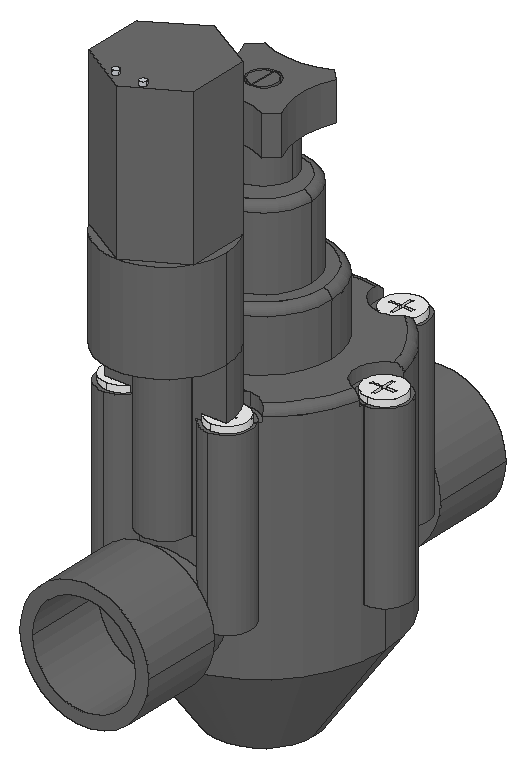
Revit family "Valve - PGA Series - 100PGA", category Acessórios do tubo, Revit 2020
Family settings
  Cota do conector redondo = Utilizar diâmetro
  Tipo de parte = Normal
  Número OmniClass = 23.60.30.11.14
  Título OmniClass = Pipework Fittings
  Com base no plano de trabalho = Não
  Sempre na vertical = Sim
  Corte com vazios quando carregada = Não
  Compartilhado = Não
Parameters
  a [instance] = 1.27 cm
  URL = "https://www.rainbird.com/"
  SupportProjetos: Reviw Date = "10/11/2020"  # constant formula
  SupportProjetos: Reviw = "R01"  # constant formula
  SupportProjetos: Level of Detail = "LOD300"  # constant formula
  SupportProjetos: Developed = "MICHEL SOARES MOTA"  # constant formula
  SupportProjetos: Creation Date = "27/08/2020"  # constant formula
  RainBird: Product Link = "https://www.rainbird.com/"
  RainBird: Description = "Valves - PGA Series - 100PGA"
  RainBird: Comment = ""
  RainBird: Code = "B30310"  # constant formula
  RN [instance] = DN / 2  # 1.27 cm
  Modelo = "100PGA"
  Material Parafuso = Aço cromado
  Material = PVC-U
  Elevação padrão = 0 cm
  Diametro corpo [instance] = 6 cm
  Diametro Tubo = 2.54 cm
  Det1 [instance] = 2 cm
  Descrição = RainBird: Description  # "Valves - PGA Series - 100PGA"
  DN [instance] = 2.54 cm
  Caminho croqui = 7 cm
  Anotação Válvula = yes
Reference planes (cm)
  plane 1 "Centro (Frente/Trás)": y = 0
  plane 2: z = 0
  plane 3 "Centro (Esquerda/Direita)": x = 0
Forms (cm)
  Sweep 1, solid, material "PVC-U" <- "Material"
    path origin (0, 0, 0) x (1, 0, 0) y (0, 1, 0)
      loop
        circle (0, 0) r 3
    profile origin (0, 3, 0) x (0, -1, 0) y (0, 0, 1)
      loop
        line (0, -1.27) -> (1.73, -3.7651) -> (1.73, -1.27) -> (2.9833, -1.27) -> (2.9833, 10.23) -> (2.7355, 10.23) -> (2.7355, 8.23) -> (1.999, 8.23)
        arc (1.999, 8.23) -> (1.8583, 8.1717) -> (1.8, 8.031) r 0.199
        line (1.8, 8.031) -> (1.8, 6.23) -> (1.5035, 6.23)
        arc (1.5035, 6.23) -> (1.3596, 6.1704) -> (1.3, 6.0265) r 0.2035
        line (1.3, 6.0265) -> (1.3, 4.73) -> (0.2, 4.73)
        arc (0.2, 4.73) -> (0.0586, 4.6714) -> (0, 4.53) r 0.2
        line (0, 4.53) -> (0, -1.27)
  Extrusion 2, solid, material "PVC-U" <- "Material"
    sketch origin (0, 0, 0) x (0, 1, 0) y (-1, 0, 0)
      loop
        circle (0, 3) r 0.5971
      loop
        circle (0, -3) r 0.5971
      loop
        circle (2.71, 1.2868) r 0.597
      loop
        circle (-2.71, 1.2868) r 0.597
      loop
        circle (2.71, -1.2868) r 0.597
      loop
        circle (-2.71, -1.2868) r 0.597
    from 0 to 4.41
  Extrusion 3, void
    sketch origin (0, 20, 0) x (0, 1, 0) y (-1, 0, 0)
      loop
        circle (-22.71, 1.2868) r 0.7
      loop
        circle (-20, 3) r 0.6982
      loop
        circle (-17.29, 1.2868) r 0.7
      loop
        circle (-22.71, -1.2868) r 0.7
      loop
        circle (-20, -3) r 0.6982
      loop
        circle (-17.29, -1.2868) r 0.7
    from 4.41 to 4.73
  Extrusion 4, solid, material "Aço cromado" <- "Material Parafuso"
    sketch origin (0, 0, 0) x (0, 1, 0) y (-1, 0, 0)
      loop
        circle (-2.71, 1.2868) r 0.5
      loop
        circle (0, 3) r 0.5
      loop
        circle (2.71, 1.2868) r 0.5
      loop
        circle (-2.71, -1.2868) r 0.5
      loop
        circle (0, -3) r 0.5
      loop
        circle (2.71, -1.2868) r 0.5
      loop
        line (-0.0439, 3.0268) -> (-0.3045, 3.0268) -> (-0.3045, 2.9429) -> (-0.0439, 2.9429) -> (-0.0439, 2.6817) -> (0.0343, 2.6817) -> (0.0343, 2.9429) -> (0.292, 2.9429) -> (0.292, 3.0268) -> (0.0343, 3.0268) -> (0.0343, 3.2683) -> (-0.0439, 3.2683) -> (-0.0439, 3.0268)
      loop
        line (2.6661, 1.3136) -> (2.4055, 1.3136) -> (2.4055, 1.2296) -> (2.6661, 1.2296) -> (2.6661, 0.9685) -> (2.7443, 0.9685) -> (2.7443, 1.2296) -> (3.002, 1.2296) -> (3.002, 1.3136) -> (2.7443, 1.3136) -> (2.7443, 1.5551) -> (2.6661, 1.5551) -> (2.6661, 1.3136)
      loop
        line (-2.7539, 1.3136) -> (-3.0145, 1.3136) -> (-3.0145, 1.2296) -> (-2.7539, 1.2296) -> (-2.7539, 0.9685) -> (-2.6757, 0.9685) -> (-2.6757, 1.2296) -> (-2.418, 1.2296) -> (-2.418, 1.3136) -> (-2.6757, 1.3136) -> (-2.6757, 1.5551) -> (-2.7539, 1.5551) -> (-2.7539, 1.3136)
      loop
        line (-0.0439, -3.0268) -> (-0.0439, -3.2683) -> (0.0343, -3.2683) -> (0.0343, -3.0268) -> (0.292, -3.0268) -> (0.292, -2.9429) -> (0.0343, -2.9429) -> (0.0343, -2.6817) -> (-0.0439, -2.6817) -> (-0.0439, -2.9429) -> (-0.3045, -2.9429) -> (-0.3045, -3.0268) -> (-0.0439, -3.0268)
      loop
        line (2.6661, -1.3136) -> (2.6661, -1.5551) -> (2.7443, -1.5551) -> (2.7443, -1.3136) -> (3.002, -1.3136) -> (3.002, -1.2296) -> (2.7443, -1.2296) -> (2.7443, -0.9685) -> (2.6661, -0.9685) -> (2.6661, -1.2296) -> (2.4055, -1.2296) -> (2.4055, -1.3136) -> (2.6661, -1.3136)
      loop
        line (-2.7539, -1.3136) -> (-2.7539, -1.5551) -> (-2.6757, -1.5551) -> (-2.6757, -1.3136) -> (-2.418, -1.3136) -> (-2.418, -1.2296) -> (-2.6757, -1.2296) -> (-2.6757, -0.9685) -> (-2.7539, -0.9685) -> (-2.7539, -1.2296) -> (-3.0145, -1.2296) -> (-3.0145, -1.3136) -> (-2.7539, -1.3136)
    from 3.4443 to 4.5593
  Sweep 5, solid, material "PVC-U" <- "Material"
    path origin (0, 0, 0) x (1, 0, 0) y (0, 1, 0)
      loop
        line (0, -3.5) -> (0, 3.5)
    profile origin (0, 0, 0) x (-1, 0, 0) y (0, 0, 1)
      loop
        circle (0, 0) r 1.27
  Sweep 6, solid, material "PVC-U" <- "Material"
    path origin (0, 0, 0) x (1, 0, 0) y (0, 1, 0)
      loop
        line (0, 3.5) -> (0, 5.5)
    profile origin (0, 4.5, 0) x (-1, 0, 0) y (0, 0, 1)
      loop
        circle (0, 0) r 1.5878
      loop
        circle (0, 0) r 1.27
  Sweep 7, solid, material "PVC-U" <- "Material"
    path origin (0, 0, 0) x (1, 0, 0) y (0, 1, 0)
      loop
        line (0, -3.5) -> (0, -5.5)
    profile origin (0, -4.5, 0) x (1, 0, 0) y (0, 0, 1)
      loop
        circle (0, 0) r 1.5878
      loop
        circle (0, 0) r 1.27
  Extrusion 8, solid, material "PVC-U" <- "Material"
    sketch origin (0, 0, 0) x (1, 0, 0) y (0, 1, 0)
      loop
        circle (-1.2684, 1.1319) r 0.5
    from 4.73 to 7.1863
  Extrusion 9, solid, material "PVC-U" <- "Material"
    sketch origin (0, 0, 0) x (1, 0, 0) y (0, 1, 0)
      loop
        circle (-1.2684, 1.1319) r 0.35
    from 7.1863 to 8.23
  Extrusion 10, solid, material "PVC-U" <- "Material"
    sketch origin (0, 0, 0) x (1, 0, 0) y (0, 1, 0)
      loop
        circle (-1.2684, 1.1319) r 0.1348
      loop
        line (-1.5709, 1.5211) -> (-1.6659, 1.4261)
        arc (-1.6659, 1.4261) -> (-1.5973, 1.1326) -> (-1.6637, 0.8386) r 0.673
        line (-1.6637, 0.8386) -> (-1.5688, 0.7436)
        arc (-1.5688, 0.7436) -> (-1.2712, 0.8132) -> (-0.9736, 0.7436) r 0.6718
        line (-0.9736, 0.7436) -> (-0.8778, 0.8394)
        arc (-0.8778, 0.8394) -> (-0.9436, 1.1315) -> (-0.8786, 1.4239) r 0.686
        line (-0.8786, 1.4239) -> (-0.9762, 1.5215)
        arc (-0.9762, 1.5215) -> (-1.2735, 1.4534) -> (-1.5709, 1.5211) r 0.6846
    from 8.23 to 8.509
  Extrusion 11, solid, material "PVC-U" <- "Material"
    sketch origin (1.2875, -1.1319, 0) x (1, 0, 0) y (0, 1, 0)
      loop
        circle (-1.2684, 1.1319) r 0.3851
      loop
        line (-2.1324, 2.2437) -> (-2.4038, 1.9724)
        arc (-2.4038, 1.9724) -> (-2.2079, 1.134) -> (-2.3976, 0.2941) r 1.9225
        line (-2.3976, 0.2941) -> (-2.1264, 0.0229)
        arc (-2.1264, 0.0229) -> (-1.2763, 0.2215) -> (-0.4262, 0.0229) r 1.9189
        line (-0.4262, 0.0229) -> (-0.1528, 0.2963)
        arc (-0.1528, 0.2963) -> (-0.3407, 1.131) -> (-0.1551, 1.9661) r 1.9594
        line (-0.1551, 1.9661) -> (-0.4338, 2.2448)
        arc (-0.4338, 2.2448) -> (-1.283, 2.0502) -> (-2.1324, 2.2437) r 1.9556
      loop
        arc (-1.3071, 1.4648) -> (-1.6036, 1.1319) -> (-1.3071, 0.799) r 0.3351
        line (-1.3071, 0.799) -> (-1.3071, 1.4648)
      loop
        line (-1.2684, 1.467) -> (-1.2684, 0.7967)
        arc (-1.2684, 0.7967) -> (-0.9581, 1.1319) -> (-1.2684, 1.467) r 0.3361
    from 9.3751 to 10.3365
  Extrusion 12, solid, material "PVC-U" <- "Material"
    sketch origin (0, 0, 0) x (1, 0, 0) y (0, 1, 0)
      loop
        circle (0, 0) r 0.7379
    from 8.3753 to 9.3751
  Extrusion 13, solid, material "PVC-U" <- "Material"
    sketch origin (0, 0, 0) x (1, 0, 0) y (0, 1, 0)
      loop
        circle (0, -3) r 0.6406
    from 1.7812 to 5.8349
  Extrusion 14, solid, material "PVC-U" <- "Material"
    sketch origin (0, 0, 0) x (1, 0, 0) y (0, 1, 0)
      loop
        circle (0, -3) r 1.5
    from 5.8349 to 8.3126
  Extrusion 15, solid, material "PVC-U" <- "Material"
    sketch origin (0, 0, 0) x (1, 0, 0) y (0, 1, 0)
      loop
        line (0, -4.5) -> (1.299, -3.75) -> (1.299, -2.25) -> (0, -1.5) -> (-1.299, -2.25) -> (-1.299, -3.75) -> (0, -4.5)
    from 8.3126 to 12.15
  Extrusion 16, solid, material "PVC-U" <- "Material"
    sketch origin (0, 0, 0) x (1, 0, 0) y (0, 1, 0)
      loop
        arc (1.5, -3) -> (0, -1.5) -> (-1.5, -3) r 1.5
        line (-1.5, -3) -> (1.5, -3)
    from 1.7812 to 5.8349
  Extrusion 17, solid
    sketch origin (0, 0, 0) x (1, 0, 0) y (0, 1, 0)
      loop
        circle (-0.329, -4.1208) r 0.0806
      loop
        circle (0.3553, -4.1386) r 0.0824
    from 12.15 to 12.2333
Cuts and joins
  Extrusion 3 cuts Sweep 1
  joined: Extrusion 14, Extrusion 15, Extrusion 16
Dimensions and locks (cm)
  "Caminho croqui": Sweep 5 sketch curve to Sweep 5 sketch curve
  equal spacing: Sweep 5 sketch curve, plane 1 "Centro (Frente/Trás)", Sweep 5 sketch curve
  "Det1": Sweep 6 sketch curve to Sweep 6 sketch curve
  "Det1": Sweep 7 sketch curve to Sweep 7 sketch curve
  locked: plane 1 "Centro (Frente/Trás)" to Sweep 1 sketch curve at 0.0167
  "RN": plane 1 "Centro (Frente/Trás)" to Sweep 1 sketch curve
  "Diametro corpo": diameter of Sweep 1 sketch curve
  "Diametro Tubo": diameter of Sweep 5 sketch curve
  aligned and locked: level to plane 2
  aligned and locked: Sweep 5 to Sweep 6 sketch curve
  aligned and locked: Sweep 6 sketch curve to Sweep 5  (x2)
  aligned and locked: Sweep 5 to Sweep 7 sketch curve
  aligned and locked: Sweep 7 sketch curve to Sweep 6  (x4)
  aligned and locked: Extrusion 10 to Extrusion 9
  aligned and locked: Extrusion 11 to Extrusion 12
  aligned and locked: Extrusion 14 to Extrusion 13
  aligned and locked: Extrusion 15 to Extrusion 14
  aligned and locked: Extrusion 16 sketch curve to Extrusion 14
  aligned and locked: Extrusion 16 to Extrusion 13  (x2)
  aligned and locked: Extrusion 17 to cut or joined group of Extrusion 14, Extrusion 15, Extrusion 16
Automatic sketch dimensions
  plane 1 "Centro (Frente/Trás)" to Extrusion 2 sketch curve = 0 cm  (x2)
  Extrusion 2 sketch curve to plane 3 "Centro (Esquerda/Direita)" = 1.2868 cm  (x2)
  plane 1 "Centro (Frente/Trás)" to Extrusion 2 sketch curve = 2.71 cm
  plane 3 "Centro (Esquerda/Direita)" to Extrusion 2 sketch curve = 1.2868 cm  (x2)
  Extrusion 2 sketch curve to Extrusion 2 sketch curve = 0 cm  (x2)
  Extrusion 2 sketch curve to plane 1 "Centro (Frente/Trás)" = 2.71 cm
  plane 3 "Centro (Esquerda/Direita)" to Extrusion 2 sketch curve = 3 cm
  Extrusion 2 sketch curve to plane 3 "Centro (Esquerda/Direita)" = 3 cm
  plane 1 "Centro (Frente/Trás)" to Extrusion 3 sketch curve = 0 cm  (x2)
  Extrusion 3 sketch curve to plane 3 "Centro (Esquerda/Direita)" = 1.2868 cm  (x2)
  plane 1 "Centro (Frente/Trás)" to Extrusion 3 sketch curve = 2.71 cm
  plane 3 "Centro (Esquerda/Direita)" to Extrusion 3 sketch curve = 1.2868 cm  (x2)
  Extrusion 3 sketch curve to Extrusion 3 sketch curve = 0 cm  (x2)
  Extrusion 3 sketch curve to plane 1 "Centro (Frente/Trás)" = 2.71 cm
  plane 3 "Centro (Esquerda/Direita)" to Extrusion 3 sketch curve = 3 cm
  Extrusion 3 sketch curve to plane 3 "Centro (Esquerda/Direita)" = 3 cm
  plane 1 "Centro (Frente/Trás)" to Extrusion 4 sketch curve = 0 cm  (x2)
  plane 1 "Centro (Frente/Trás)" to Extrusion 4 sketch curve = 0.0439 cm  (x4)
  Extrusion 4 sketch curve to Extrusion 4 sketch curve = 0.2606 cm  (x6)
  plane 1 "Centro (Frente/Trás)" to Extrusion 4 sketch curve = 2.418 cm  (x2)
  Extrusion 4 sketch curve to Extrusion 4 sketch curve = 0.2577 cm  (x6)
  Extrusion 4 sketch curve to Extrusion 4 sketch curve = 0 cm  (x10)
  Extrusion 4 sketch curve to Extrusion 4 sketch curve = 0.0343 cm  (x4)
  Extrusion 4 sketch curve to Extrusion 4 sketch curve = 0.0439 cm  (x4)
  Extrusion 4 sketch curve to Extrusion 4 sketch curve = 0.0782 cm  (x4)
  Extrusion 4 sketch curve to plane 1 "Centro (Frente/Trás)" = 0.0343 cm  (x4)
  Extrusion 4 sketch curve to plane 1 "Centro (Frente/Trás)" = 2.4055 cm  (x2)
  plane 3 "Centro (Esquerda/Direita)" to Extrusion 4 sketch curve = 3.2683 cm
  Extrusion 4 sketch curve to Extrusion 4 sketch curve = 0.2415 cm  (x6)
  Extrusion 4 sketch curve to Extrusion 4 sketch curve = 0.0268 cm  (x6)
  Extrusion 4 sketch curve to Extrusion 4 sketch curve = 0.0571 cm  (x7)
  Extrusion 4 sketch curve to Extrusion 4 sketch curve = 0.2612 cm  (x6)
  plane 3 "Centro (Esquerda/Direita)" to Extrusion 4 sketch curve = 1.5551 cm  (x2)
  Extrusion 4 sketch curve to Extrusion 4 sketch curve = 0.084 cm  (x5)
  Extrusion 4 sketch curve to plane 3 "Centro (Esquerda/Direita)" = 0.9685 cm  (x2)
  Extrusion 4 sketch curve to plane 3 "Centro (Esquerda/Direita)" = 2.6817 cm
  Sweep 6 sketch curve to Sweep 6 sketch curve = 0 cm  (x2)
  Extrusion 8 sketch curve to plane 3 "Centro (Esquerda/Direita)" = 1.2684 cm
  Extrusion 8 sketch curve to plane 1 "Centro (Frente/Trás)" = 1.1319 cm
  Extrusion 9 sketch curve to plane 3 "Centro (Esquerda/Direita)" = 1.2684 cm
  Extrusion 9 sketch curve to plane 1 "Centro (Frente/Trás)" = 1.1319 cm
  Extrusion 10 sketch curve to plane 1 "Centro (Frente/Trás)" = 1.1301 cm
  Extrusion 10 sketch curve to plane 3 "Centro (Esquerda/Direita)" = 2.2704 cm
  Extrusion 10 sketch curve to Extrusion 10 sketch curve = 0.6045 cm
  Extrusion 10 sketch curve to plane 1 "Centro (Frente/Trás)" = 0.8386 cm
  Extrusion 10 sketch curve to Extrusion 10 sketch curve = 0.0022 cm
  Extrusion 10 sketch curve to Extrusion 10 sketch curve = 0.095 cm  (x3)
  Extrusion 10 sketch curve to plane 1 "Centro (Frente/Trás)" = 0.7436 cm  (x2)
  Extrusion 10 sketch curve to Extrusion 10 sketch curve = 0.2969 cm
  Extrusion 10 sketch curve to plane 1 "Centro (Frente/Trás)" = 0.1414 cm
  Extrusion 10 sketch curve to Extrusion 10 sketch curve = 0.2976 cm
  Extrusion 10 sketch curve to Extrusion 10 sketch curve = 0.3004 cm
  Extrusion 10 sketch curve to Extrusion 10 sketch curve = 0.2922 cm
  Extrusion 10 sketch curve to Extrusion 10 sketch curve = 0.0976 cm  (x2)
  Extrusion 10 sketch curve to Extrusion 10 sketch curve = 0.0957 cm  (x2)
  Extrusion 10 sketch curve to plane 3 "Centro (Esquerda/Direita)" = 0.2577 cm
  Extrusion 10 sketch curve to Extrusion 10 sketch curve = 0.3882 cm
  Extrusion 10 sketch curve to Extrusion 10 sketch curve = 0.2931 cm
  Extrusion 11 sketch curve to Extrusion 11 sketch curve = 0 cm  (x2)
  Extrusion 11 sketch curve to Extrusion 11 sketch curve = 0.0258 cm  (x2)
  plane 1 "Centro (Frente/Trás)" to Extrusion 11 sketch curve = 0 cm
  plane 3 "Centro (Esquerda/Direita)" to Extrusion 11 sketch curve = 0.019 cm  (x2)
  plane 3 "Centro (Esquerda/Direita)" to Extrusion 11 sketch curve = 0.0112 cm
  plane 3 "Centro (Esquerda/Direita)" to Extrusion 11 sketch curve = 0.0032 cm
  Extrusion 11 sketch curve to plane 3 "Centro (Esquerda/Direita)" = 0.0197 cm
  Extrusion 11 sketch curve to plane 3 "Centro (Esquerda/Direita)" = 0.8389 cm
  Extrusion 11 sketch curve to plane 3 "Centro (Esquerda/Direita)" = 0.8449 cm
  Extrusion 11 sketch curve to Extrusion 11 sketch curve = 0.2712 cm
  Extrusion 11 sketch curve to Extrusion 11 sketch curve = 0.2714 cm
  plane 1 "Centro (Frente/Trás)" to Extrusion 11 sketch curve = 0.005 cm
  Extrusion 11 sketch curve to Extrusion 11 sketch curve = 1.7328 cm
  plane 3 "Centro (Esquerda/Direita)" to Extrusion 11 sketch curve = 0.8537 cm
  plane 3 "Centro (Esquerda/Direita)" to Extrusion 11 sketch curve = 0.8613 cm
  Extrusion 11 sketch curve to Extrusion 11 sketch curve = 0.2787 cm  (x2)
  Extrusion 11 sketch curve to Extrusion 11 sketch curve = 0.2734 cm  (x2)
  Extrusion 11 sketch curve to plane 1 "Centro (Frente/Trás)" = 0.0018 cm
  Extrusion 11 sketch curve to Extrusion 11 sketch curve = 1.7715 cm
  plane 1 "Centro (Frente/Trás)" to Extrusion 11 sketch curve = 0.3351 cm
  Extrusion 11 sketch curve to Extrusion 11 sketch curve = 0.0022 cm
  plane 1 "Centro (Frente/Trás)" to Extrusion 11 sketch curve = 0.8355 cm
  plane 1 "Centro (Frente/Trás)" to Extrusion 11 sketch curve = 0.8377 cm
  Extrusion 11 sketch curve to Extrusion 11 sketch curve = 1.7203 cm
  Extrusion 11 sketch curve to Extrusion 11 sketch curve = 0.2713 cm
  plane 1 "Centro (Frente/Trás)" to Extrusion 12 sketch curve = 0 cm
  Extrusion 12 sketch curve to plane 3 "Centro (Esquerda/Direita)" = 0 cm
  Extrusion 13 sketch curve to plane 3 "Centro (Esquerda/Direita)" = 0 cm
  plane 1 "Centro (Frente/Trás)" to Extrusion 13 sketch curve = 3 cm
  Extrusion 14 sketch curve to plane 3 "Centro (Esquerda/Direita)" = 0 cm
  plane 1 "Centro (Frente/Trás)" to Extrusion 14 sketch curve = 3 cm
  Extrusion 17 sketch curve to plane 3 "Centro (Esquerda/Direita)" = 0.329 cm
  Extrusion 17 sketch curve to Extrusion 17 sketch curve = 0.6843 cm
  plane 1 "Centro (Frente/Trás)" to Extrusion 17 sketch curve = 4.1208 cm
  Extrusion 17 sketch curve to Extrusion 17 sketch curve = 0.0178 cm
  plane 1 "Centro (Frente/Trás)" to Sweep 1 sketch curve = 0 cm
  Sweep 1 sketch curve to plane 3 "Centro (Esquerda/Direita)" = 0 cm
  Sweep 1 sketch curve to profile plane = 0 cm
  Sweep 1 sketch curve to profile plane = 0.2 cm
  Sweep 1 sketch curve to Sweep 1 sketch curve = 1.1 cm
  Sweep 1 sketch curve to Sweep 1 sketch curve = 0.2035 cm
  Sweep 1 sketch curve to Sweep 1 sketch curve = 0.2965 cm
  Sweep 1 sketch curve to Sweep 1 sketch curve = 0.199 cm
  Sweep 1 sketch curve to Sweep 1 sketch curve = 0.2478 cm
  Sweep 1 sketch curve to level = 3.7651 cm
  Sweep 1 sketch curve to level = 1.27 cm  (x2)
  level to Sweep 1 sketch curve = 4.53 cm
  Sweep 1 sketch curve to Sweep 1 sketch curve = 1.2965 cm
  Sweep 1 sketch curve to Sweep 1 sketch curve = 1.801 cm
  Sweep 1 sketch curve to Sweep 1 sketch curve = 2 cm
  Sweep 5 sketch curve to plane 3 "Centro (Esquerda/Direita)" = 0 cm
  Sweep 5 sketch curve to level = 0 cm
  Sweep 5 sketch curve to profile plane = 0 cm
  Sweep 6 sketch curve to plane 3 "Centro (Esquerda/Direita)" = 0 cm
  Sweep 7 sketch curve to plane 3 "Centro (Esquerda/Direita)" = 0 cm
  radius of Extrusion 2 sketch curve = 0.5971 cm  (x2)
  radius of Extrusion 2 sketch curve = 0.597 cm  (x4)
  radius of Extrusion 3 sketch curve = 0.7 cm  (x4)
  radius of Extrusion 3 sketch curve = 0.6982 cm  (x2)
  radius of Extrusion 4 sketch curve = 0.5 cm  (x6)
  radius of Sweep 6 sketch curve = 1.5878 cm
  radius of Extrusion 8 sketch curve = 0.5 cm
  radius of Extrusion 9 sketch curve = 0.35 cm
  radius of Extrusion 10 sketch curve = 0.1348 cm
  radius of Extrusion 11 sketch curve = 0.3851 cm
  radius of Extrusion 12 sketch curve = 0.7379 cm
  radius of Extrusion 13 sketch curve = 0.6406 cm
  radius of Extrusion 14 sketch curve = 1.5 cm
  radius of Extrusion 17 sketch curve = 0.0806 cm
  radius of Extrusion 17 sketch curve = 0.0824 cm
Connectors (cm)
  piping at (0, 3.5, 0), diameter 2.54, driven by "DN"
    settings: on Sweep 5, index 1, connector inside diameter 609.6 mm, connector length 0 cm, flow factor 0, pipe flow 0.0 L/s, pressure drop 0.0 Pa, fitting loss kfactor 0, connector angle 0.00°, fixture units 0, engagement length 0 cm, angle of deflection 0.00°, flow configuration 0, flow direction 0, fitting loss method 0, system type 20, joint type 0, gender type 0, connector reference index -1, connector utility 0, adjustable connector no, is connector primary yes, connector description ""
  piping at (0, -3.5, 0), diameter 2.54, driven by "DN"
    settings: on Sweep 5, index 2, connector inside diameter 609.6 mm, connector length 0 cm, flow factor 0, pipe flow 0.0 L/s, pressure drop 0.0 Pa, fitting loss kfactor 0, connector angle 0.00°, fixture units 0, engagement length 0 cm, angle of deflection 0.00°, flow configuration 0, flow direction 0, fitting loss method 0, system type 20, joint type 0, gender type 0, connector reference index -1, connector utility 0, adjustable connector no, is connector primary no, connector description ""
  electrical at (0.3553, -4.1386, 12.2333)
    settings: on Extrusion 17, index 3, voltage 600 V, apparent load 0 VA, apparent load phase1 0 VA, apparent load phase2 0 VA, apparent load phase3 0 VA, power factor 1, load classification "Outro", number of poles 1, system type 30, power factor state 1, is connector primary yes, connector utility no, sub classification motor no, connector description ""
  electrical at (-0.329, -4.1208, 12.2333)
    settings: on Extrusion 17, index 4, voltage 600 V, apparent load 0 VA, apparent load phase1 0 VA, apparent load phase2 0 VA, apparent load phase3 0 VA, power factor 1, load classification "Outro", number of poles 1, system type 30, power factor state 1, is connector primary no, connector utility no, sub classification motor no, connector description ""
  piping at (0, 0, -1.27), diameter 2.54, driven by "DN"
    settings: on cut or joined group of Sweep 1, Extrusion 3, index 6, connector inside diameter 609.6 mm, connector length 0 cm, flow factor 0, pipe flow 0.0 L/s, pressure drop 0.0 Pa, fitting loss kfactor 0, connector angle 0.00°, fixture units 0, engagement length 0 cm, angle of deflection 0.00°, flow configuration 0, flow direction 0, fitting loss method 0, system type 20, joint type 0, gender type 0, connector reference index -1, connector utility 0, adjustable connector no, is connector primary no, connector description ""
